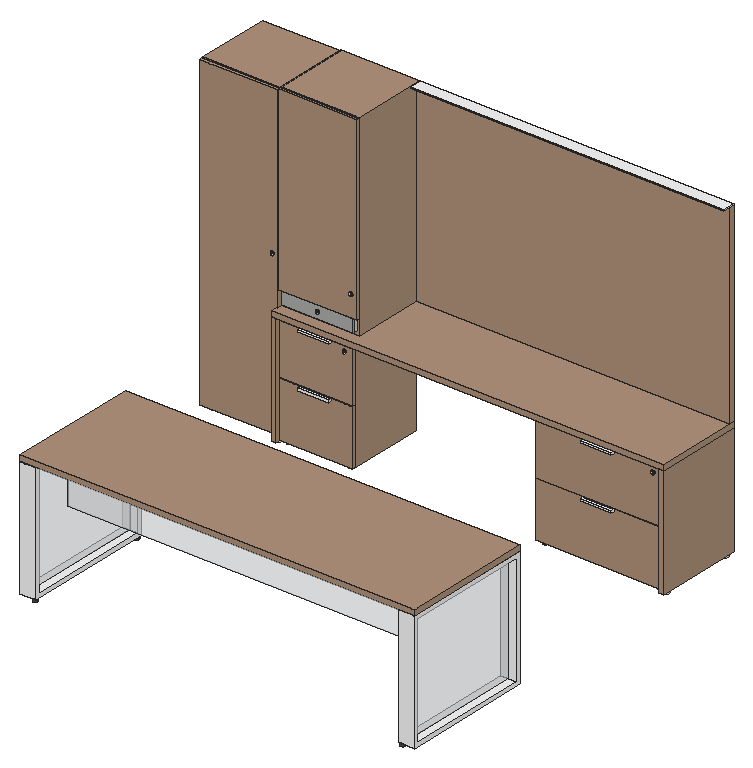
Revit family "Expansion_Casegoods-Private_Office_19-Teknion-R2019", category Furniture Systems, Revit 2019
Family settings
  Round Connector Dimension = Use Diameter
  Part Type = Normal
  OmniClass Number = 23.40.70.14.64.21
  OmniClass Title = Systems Furniture
  Work Plane-Based = No
  Always vertical = Yes
  Cut with Voids When Loaded = No
  Shared = Yes
  Room Calculation Point = No
Parameters (values of type "Private 19")
  Warranty = "http://www.teknion.com/ca/papers/legal-canada"
  Unit Weight URL = "http://www.teknion.com/ca/tools/assets#&asset=bee6a381-b954-425e-8283-5a2de3a804f2,f828d448-4b62-4231-9e5f-9a8991c0ed77"
  URL = "www.teknion.com"
  To render please download texture images found here [instance] = "https://assets.teknion.com/web/5e81352c1dfdb467/revit-material-swatches/"
  Sustainability Data = "https://www.teknion.com/ca/tools/assets#&topic=216f99a5-57a0-44fc-b10a-9dee9b29ae4c&asset=444deb64-fe58-4b68-981e-f75e97781df7,b4ff2d81-9f2e-437d-9659-7cffb09c31cf"
  Series = "Expansion Casegoods"  # constant formula
  Product Page URL = "https://teknionplanningtool.com/#?Private-19-ExpCasegoods"
  Product Line = "Expansion Casegoods"  # constant formula
  Model = "Expansion Casegoods Private 19"
  Material Finish Note [instance] = "Click on Edit Family to change the finishes."  # constant formula
  Manufacturer Phone = "416-661-3370"  # constant formula
  Manufacturer Fax = "416.661.4586"  # constant formula
  Manufacturer Contact Information = "http://www.teknion.com/ca/contactus"
  Manufacturer Address = "1150 Flint Road, Toronto, ON. M3J 2J5. Canada"  # constant formula
  Manufacturer = "Teknion"  # constant formula
  How To Use Teknion Materials User Guide [instance] = "https://assets.teknion.com/m/205dd0a49fa58060/original/How-to-add-a-Material-Library-and-Texture-Images-to-your-Revit-project.pdf"
  For Additional Finishes please visit [instance] = "https://assets.teknion.com/m/44a8009b046e5d47/original/Teknion_Materials_Library.zip"
  Description = "7'-8” x 8'-11” Overall"
  Assembly Code = "E2020200"
Reference planes (in)
  plane 1 "Center F/B": y = 9.83948
  plane 2: z = 0
  plane 3 "Center L/R": x = -0.24863
  plane 4 "Top": z = 29
  plane 5: x = -54.19535
  plane 6: y = -35.96394
  plane 7: y = 55.64291
  plane 8: x = 53.69808
Dimensions and locks (in)
  locked: plane 4 "Top" to level at 29
  equal spacing: plane 6, plane 1 "Center F/B", plane 7
  equal spacing: plane 5, plane 3 "Center L/R", plane 8
  plane 7 to plane 6 = 7' - 7.60686"
  plane 5 to plane 8 = 8' - 11.89342"
  aligned and locked: level to plane 2
Nested families (in)
  nested 1: "Workstations-Multi_Level-Teknion-B_MDWF_Table_Desk_With_End_Panels_Frame_Legs-R2019" at (8.69808, -20.96394, 0) x (-1, 0, 0) z (0, 0, 1), type "1-3/16" Worksurface Thickness, Glass Infill"
    with Worksurface Finish Source Laminate - Teknion - 3M - Provincial Oak (Cross Grain), Width 7' - 6", Suspended Modesty Panel Options "Select one of the options below.", Suspended Modesty Panel Height Options "Select one of the options below.", Suspended Modesty Panel - Solid Finish Veneer-Teknion-5T-Flintwood-White_Truffle (Long Grain), Suspended Modesty Panel - Solid no, Suspended Modesty Panel - Metal Finish Paint-Teknion-20-T-Foundation-Atrium White, Suspended Modesty Panel - Metal no, Suspended Modesty Panel - Glass Hardware Finish Paint - Teknion - Mica - Very White, Suspended Modesty Panel - Glass Finish Glass - Teknion - FT - Frosted Glass, Suspended Modesty Panel - Glass yes, Suspended Modesty Panel - Felt Finish Fabric-Teknion-RB13-Carrera, Suspended Modesty Panel - Felt no, Solid Infill Finish Source Laminate - Teknion - DA - Espresso, Panel Height 0' - 10.009", No Grommet Option yes, Has Modesty Panel yes, Has Both Ends - Rectangular no, Grommet Finish Mica - Teknion - V - Satin - Very White, Glass Infill Finish Glass - Teknion - FT - Frosted Glass, Depth 2' - 6", Base Finish Mica - Teknion - V - Satin - Very White, Available Widths "54, 60, 66, 72, 78, 84, or 90 inches.", Available Grommet Options "Select one of the options below.", Available Depths "24, 30, or 36 inches.", 6" Height Suspended Modesty Panel no, 10" Height Suspended Modesty Panel yes
  nested 2: "Workstations-Multi_Level-Teknion-B_MSD_Secondary-R2018" at (8.49083, 45.69134, 0), type "1 3/16" Worksurface Thickness, High Height"
    with Width 7' - 6", To render please download texture images found here "https://assets.teknion.com/web/5e81352c1dfdb467/revit-material-swatches/", Surface and Edge Trim Finish Source Laminate - Teknion - 3M - Provincial Oak (Cross Grain), Right Grommet no, Note "Please select one of the following.", No Grommet yes, Left Grommet no, How To Use Teknion Materials User Guide "https://assets.teknion.com/m/205dd0a49fa58060/original/How-to-add-a-Material-Library-and-Texture-Images-to-your-Revit-project.pdf", Has Right Rectangular Grommet no, Has Left Rectangular Grommet no, Has Centered Rectangular Grommet no, Has Both Ends Rectangular Grommets no, Hardware Finish Mica - Teknion - V - Satin - Very White, Grommet Finish Mica - Teknion - V - Satin - Very White, Gable Finish Source Laminate - Teknion - 3M - Provincial Oak, For Additional Finishes please visit "https://assets.teknion.com/m/44a8009b046e5d47/original/Teknion_Materials_Library.zip", Depth 1' - 8", Available Widths "54, 60, 66, 72, 78, 84, 90, 96, 102, or 108 inches.", Available Depths "20 or 24 inches.", Actual Width 7' - 5.55", Actual Depth 1' - 7.9"
  nested 3: "Storage-Multi_Level_Workstations-Teknion-BSSL_Lateral_File-R2019" at (-26.76308, 45.45407, 0), type "High Secondary Desk Height, 20" Secondary Desk Depth"
    with Width 1' - 6", To render please download texture images found here "https://assets.teknion.com/web/5e81352c1dfdb467/revit-material-swatches/", Pull Finish Mica - Teknion - V - Satin - Very White, Lateral File Front Finish Source Laminate - Teknion - 3M - Provincial Oak, How To Use Teknion Materials User Guide "https://assets.teknion.com/m/205dd0a49fa58060/original/How-to-add-a-Material-Library-and-Texture-Images-to-your-Revit-project.pdf", High - Drawer Horizontal Cut 0' - 1.501", For Additional Finishes please visit "https://assets.teknion.com/m/44a8009b046e5d47/original/Teknion_Materials_Library.zip", End of 1-9/16" thick Secondary Desk no, End of 1-3/16" thick Secondary Desk yes, End of 1" thick Secondary Desk no, End yes, Configurations Note "The Center configuration is not available for the 42 inch width.", Center no, Case Finish Source Laminate - Teknion - 3M - Provincial Oak, Available Widths "Available Widths range from 18 to 42 inches in 6 inch increments.", Actual Width 1' - 4.775"
  nested 4: "Storage-Mounted-Teknion-BRHL_Tower_with_Full _Solid_Door_High_Secondary_Desk-R2019" at (-27.33035, 46.59634, 0), type "18" x 18" x 72""
    with Door Front Finish Source Laminate - Teknion - 3M - Provincial Oak, Case Finish Source Laminate - Teknion - 3M - Provincial Oak
  nested 5: "Desk_Accessories-Teknion-BADMF_Multi_Functional_Drawer-R2018" at (-27.33569, 46.4559, 2.90258), type "17"d x 17"w x 03"h"
  nested 6: "Storage-Multi_Level_Workstations-Teknion-BSSL_Lateral_File-R2019" at (37.77333, 45.45407, 0), type "High Secondary Desk Height, 20" Secondary Desk Depth"
    with Width 2' - 6", To render please download texture images found here "https://assets.teknion.com/web/5e81352c1dfdb467/revit-material-swatches/", Pull Finish Mica - Teknion - V - Satin - Very White, Lateral File Front Finish Source Laminate - Teknion - 3M - Provincial Oak, How To Use Teknion Materials User Guide "https://assets.teknion.com/m/205dd0a49fa58060/original/How-to-add-a-Material-Library-and-Texture-Images-to-your-Revit-project.pdf", High - Drawer Horizontal Cut 0' - 1.501", For Additional Finishes please visit "https://assets.teknion.com/m/44a8009b046e5d47/original/Teknion_Materials_Library.zip", End of 1-9/16" thick Secondary Desk no, End of 1-3/16" thick Secondary Desk yes, End of 1" thick Secondary Desk no, End yes, Configurations Note "The Center configuration is not available for the 42 inch width.", Center no, Case Finish Source Laminate - Teknion - 3M - Provincial Oak, Available Widths "Available Widths range from 18 to 42 inches in 6 inch increments.", Actual Width 2' - 4.715"
  nested 7: "Storage-Mounted-Teknion-B_WPA-Wall_Panel-R2018" at (17.44583, 55.14134, 0), type "On High Secondary Desk"
    with Width 6' - 0", Top and Accessory Rail Finish Mica - Teknion - V - Satin - Very White, Tackboard Upholstery Finish Fabric - Teknion - S613 - Saturate - Dune, Tackboard Bottom Starting Offset 2' - 2.972", Power/Data Visibility no, Power/Data Plan View Offset 2' - 11.82", Power and Data Under Worksurface - Right no, Power and Data Under Worksurface - Left no, Power and Data Under Worksurface - Center no, Power and Data Over Worksurface - Right no, Power and Data Over Worksurface - Left no, Power and Data Over Worksurface - Center no, Power Data Height Offset 0' - 3.648", Porcelain/Glass Markerboard Visibility no, Panel Finish Source Laminate - Teknion - 3M - Provincial Oak (Cross Grain), No Power and Data yes, Linear LED Light Width Type none, Light Shelf Note "Light Shelf can only be specified if the Has Top Shelf & Accessory Rail option is selected above.", Has Porcelain Markerboard no, Has No Accessory Board yes, Has Linear LED Light no, Has Light Shelf no, Has Glass Markerboard no, Has Felt Tackboard no, Has Fabric Tackboard no, Has Accessory Rail no, Glass Markerboard Finish Back-painted Glass - K7 - Teknion - Very White, Fabric/Felt Tackboard Visibility no, Datum Height Note "Please choose one of the following options below.", Bottom of Standard Overhead Cabinet mounted at 72" no, Bottom of Standard Overhead Cabinet mounted at 66" no, Bottom of Cubic Overhead Cabinet mounted at 72" no, Bottom of Cubic Overhead Cabinet mounted at 66" no, Available Widths "24, 30, 36, 42, 48, 54, 60, 66, 72, 78, 84, or 90 inches.", Available Electrical Options "Choose between Power and Data Over Worksurface - Center, Power and Data Over Worksurface - Left, Power and Data Over Worksurface - Right, or No Power and Data.", Actual Width 5' - 11.64", Actual Height 5' - 11.626", Accessories Note "Choose one of the following options below.", 72" Datum Height yes, 66" Datum Height no
  nested 8: "Storage-Freestanding-Teknion-BFRL_Full_Solid_Door_Tower-R2018" at (-45.24035, 46.68812, 0), type "18"w x 72"h"
    with Wardrobe no, Top Shelf Height Offset 1' - 4.986", To render please download texture images found here "https://assets.teknion.com/web/5e81352c1dfdb467/revit-material-swatches/", Shelves yes, Note "Available Depths are 18 and 24 inches.", Middle Shelf Visibility yes, Middle Shelf Height Offset 1' - 4.927", Lock Height Offset 2' - 9.722", How to Add Texture Images to your Revit Project "https://assets.teknion.com/m/205dd0a49fa58060/original/How-to-add-a-Material-Library-and-Texture-Images-to-your-Revit-project.pdf", For Additional Finishes please visit "https://assets.teknion.com/m/44a8009b046e5d47/original/Teknion_Materials_Library.zip", File Drawers and Shelves no, Door Front Finish Source Laminate - Teknion - 3M - Provincial Oak, Depth 1' - 6", Configurations Note "Please select one of the following.", Case Finish Source Laminate - Teknion - 3M - Provincial Oak, Bottom Shelf Visibility yes, Actual Depth 1' - 5.161"
Definition of nested family "Workstations-Multi_Level-Teknion-B_MDWF_Table_Desk_With_End_Panels_Frame_Legs-R2019"
  Parameters (values of type "1-9/16" Worksurface Thickness, Glass Infill")
    Worksurface Finish [instance] = none
    Width [instance] = 6' - 0"
    Warranty = "http://www.teknion.com/ca/papers/legal-canada"
    Unit Weight URL = "http://www.teknion.com/ca/tools/assets#&asset=bee6a381-b954-425e-8283-5a2de3a804f2,f828d448-4b62-4231-9e5f-9a8991c0ed77"
    URL = "www.teknion.com"
    Thickness = 0' - 1.555"
    Sustainability Data = "http://www.teknion.com/ca/tools/assets#&topic=216f99a5-57a0-44fc-b10a-9dee9b29ae4c&asset=444deb64-fe58-4b68-981e-f75e97781df7"
    Suspended Modesty Panel Options [instance] = "Select one of the options below."  # constant formula
    Suspended Modesty Panel Height Options [instance] = "Select one of the options below."  # constant formula
    Suspended Modesty Panel - Solid Finish [instance] = none
    Suspended Modesty Panel - Solid [instance] = no
    Suspended Modesty Panel - Metal Finish [instance] = none
    Suspended Modesty Panel - Metal [instance] = no
    Suspended Modesty Panel - Glass Hardware Finish [instance] = none
    Suspended Modesty Panel - Glass Finish [instance] = none
    Suspended Modesty Panel - Glass [instance] = no
    Suspended Modesty Panel - Felt Finish [instance] = none
    Suspended Modesty Panel - Felt [instance] = no
    Solid Infill Finish [instance] = none
    Solid Infill = no
    Series = "Expansion Casegoods"  # constant formula
    Product Page URL = "http://www.teknion.com/ca/products/product-details?productlineid=0053336e-8e7a-673b-a6c8-ff00004460c4"
    Product Line = "Expansion Casegoods"  # constant formula
    Product Documentation Link #5 = "https://www.teknion.com/pricing/expansion-casegoods/pdfs/BASME_ppg.pdf"
    Product Documentation Link #4 = "https://www.teknion.com/pricing/expansion-casegoods/pdfs/BASMM_ppg.pdf"
    Product Documentation Link #3 = "https://www.teknion.com/pricing/expansion-casegoods/pdfs/BASMG_ppg.pdf"
    Product Documentation Link #2 = "https://www.teknion.com/pricing/expansion-casegoods/pdfs/BASML_ppg.pdf"
    Product Documentation Link = "https://www.teknion.com/pricing/expansion-casegoods/pdfs/B_MDWF_ppg.pdf"
    Part Number = "B_MDWF"  # constant formula
    Panel Height [instance] = if([6" Height Suspended Modesty Panel], 0' 6.636", 0' 10.009")  # 0' - 6.636"
    No Grommet Option [instance] = not([Has Both Ends - Rectangular])  # no
    Has Both Ends - Rectangular [instance] = yes
    Glass Infill Finish [instance] = none
    Glass Infill = not(Solid Infill)  # yes
    Base Finish [instance] = none
    Available Widths [instance] = if(Thickness = 0' 1.016", "54, 60, 66, or 72 inches.", "54, 60, 66, 72, 78, 84, or 90 inches.")  # "54, 60, 66, 72, 78, 84, or 90 inches."
    Available Grommet Options [instance] = "Select one of the options below."  # constant formula
    Available Depths [instance] = if(Thickness = 0' 1.016", "24 or 30 inches.", "24, 30, or 36 inches.")  # "24, 30, or 36 inches."
    Model = "BXMDWFG_____"
    Manufacturer Phone = "416-661-3370"  # constant formula
    Manufacturer Fax = "416.661.4586"  # constant formula
    Manufacturer Contact Information = "http://www.teknion.com/ca/contactus"
    Manufacturer Address = "1150 Flint Road, Toronto, ON. M3J 2J5. Canada"  # constant formula
    Manufacturer = "Teknion"  # constant formula
    Has Modesty Panel [instance] = yes
    Grommet Finish [instance] = none
    Description = "Table Desk with End Panels - Frame Legs, 1-9/16\" Worksurface Thickness, Glass Infill"
    Depth [instance] = 2' - 6"
    Assembly Code = "E2020200"
    6" Height Suspended Modesty Panel [instance] = yes
    10" Height Suspended Modesty Panel [instance] = not([6" Height Suspended Modesty Panel])  # no
  Types (6): name | Thickness | Solid Infill | Glass Infill | Available Widths | Available Depths | Model | Description
    1-3/16" Worksurface Thickness, Solid Infill | 0' - 1.18898" | yes | no | "54, 60, 66, 72, 78, 84, or 90 inches." | "24, 30, or 36 inches." | "BMMDWFL_____" | "Table Desk with End Panels - Frame Legs, 1-3/16\" Worksurface Thickness, Solid Infill"
    1" Worksurface Thickness, Solid Infill | 0' - 1.016" | yes | no | "54, 60, 66, or 72 inches." | "24 or 30 inches." | "BDMDWFL_____" | "Table Desk with End Panels - Frame Legs, 1\" Worksurface Thickness, Solid Infill"
    1-9/16" Worksurface Thickness, Solid Infill | 0' - 1.555" | yes | no | "54, 60, 66, 72, 78, 84, or 90 inches." | "24, 30, or 36 inches." | "BXMDWFL_____" | "Table Desk with End Panels - Frame Legs, 1-9/16\" Worksurface Thickness, Solid Infill"
    1" Worksurface Thickness, Glass Infill | 0' - 1.016" | no | yes | "54, 60, 66, or 72 inches." | "24 or 30 inches." | "BDMDWFG_____" | "Table Desk with End Panels - Frame Legs, 1\" Worksurface Thickness, Glass Infill"
    1-3/16" Worksurface Thickness, Glass Infill | 0' - 1.18898" | no | yes | "54, 60, 66, 72, 78, 84, or 90 inches." | "24, 30, or 36 inches." | "BMMDWFG_____" | "Table Desk with End Panels - Frame Legs, 1-3/16\" Worksurface Thickness, Glass Infill"
    1-9/16" Worksurface Thickness, Glass Infill | 0' - 1.555" | no | yes | "54, 60, 66, 72, 78, 84, or 90 inches." | "24, 30, or 36 inches." | "BXMDWFG_____" | "Table Desk with End Panels - Frame Legs, 1-9/16\" Worksurface Thickness, Glass Infill"
  Reference planes (in)
    plane 1 "Center Front/Back": y = 0
    plane 2: z = 0
    plane 3 "Center Left/Right": x = 0
    plane 4 "Left": x = -36
    plane 5 "Right": x = 36
    plane 6 "Back": y = 15
    plane 7 "Front": y = -15
    plane 8 "Top": z = 27.80709
    plane 9: z = 29.36209
    plane 10: z = 27.61959
    plane 11: z = 0.60236
    plane 12: x = -32.59449
    plane 13: x = -35.8622
    plane 14: x = -32.45669
    plane 15: x = 32.59449
    plane 16: x = 35.86221
    plane 17: x = 32.45669
    plane 18: x = -30
    plane 19: z = 26.61811
    plane 20: z = 29.51957
    plane 21 "Center L/S": y = 8.49213
    plane 22: x = 30
    plane 23: z = 21.17109
  Forms (in)
    Extrusion 1, solid, material <- "Worksurface Finish"
      sketch origin (-51, -180, 27.80709) x (-1, 0, 0) y (0, -1, 0)
        loop
          line (-15, -195) -> (-15, -165) -> (-87, -165) -> (-87, -195) -> (-15, -195)
      from 0 to 1.555
    Extrusion 2, solid, material <- "Base Finish"
      sketch origin (-36, 0, 0) x (0, -1, 0) y (0, 0, -1)
        loop
          line (14.8622, -27.80709) -> (14.8622, -27.61959) -> (7.81496, -27.61959) -> (7.81496, -27.80709) -> (14.8622, -27.80709)
      from 0.1378 to 3.40551
    Extrusion 3, solid, material <- "Base Finish"
      sketch origin (-36, 0, 0) x (0, 1, 0) y (0, 0, 1)
        loop
          line (14.8622, 27.80709) -> (7.81496, 27.80709) -> (7.81496, 27.61959) -> (14.8622, 27.61959) -> (14.8622, 27.80709)
      from 0.1378 to 3.40551
    Extrusion 4, solid, material <- "Base Finish"
      sketch origin (-36, 0, 0) x (0, 1, 0) y (0, 0, 1)
        loop
          line (15, 0.60236) -> (15, 27.61959) -> (-15, 27.61959) -> (-15, 0.60236) -> (15, 0.60236)
        loop
          line (14.17323, 26.79281) -> (-14.17323, 26.79281) -> (-14.17323, 1.42913) -> (14.17323, 1.42913) -> (14.17323, 26.79281)
      from 0 to 3.54331
    Extrusion 5, solid, material <- "Base Finish"
      sketch origin (27, 0, 0) x (0, -1, 0) y (0, 0, 1)
        loop
          line (14.8622, 27.80709) -> (7.81496, 27.80709) -> (7.81496, 27.61959) -> (14.8622, 27.61959) -> (14.8622, 27.80709)
      from -8.86221 to -5.59449
    Extrusion 6, solid, material <- "Base Finish"
      sketch origin (27, 0, 0) x (0, 1, 0) y (0, 0, -1)
        loop
          line (14.8622, -27.80709) -> (14.8622, -27.61959) -> (7.81496, -27.61959) -> (7.81496, -27.80709) -> (14.8622, -27.80709)
      from -8.86221 to -5.59449
    Extrusion 7, solid, material <- "Base Finish"
      sketch origin (27, 0, 0) x (0, 1, 0) y (0, 0, -1)
        loop
          line (15, -0.60236) -> (-15, -0.60236) -> (-15, -27.61959) -> (15, -27.61959) -> (15, -0.60236)
        loop
          line (14.17323, -26.79281) -> (14.17323, -1.42913) -> (-14.17323, -1.42913) -> (-14.17323, -26.79281) -> (14.17323, -26.79281)
      from -9 to -5.45669
    Extrusion 8, solid
      sketch origin (0, 0, 0) x (1, 0, 0) y (0, 1, 0)
        loop
          circle (-32.9685, 14.50787) r 0.5
      from 0 to 0.60236
    Extrusion 9, solid
      sketch origin (0, 0, 0) x (-1, 0, 0) y (0, -1, 0)
        loop
          circle (-32.96851, -14.50787) r 0.5
      from 0 to 0.60236
    Extrusion 10, solid
      sketch origin (0, 0, 0) x (1, 0, 0) y (0, 1, 0)
        loop
          circle (-32.9685, -14.50787) r 0.5
      from 0 to 0.60236
    Extrusion 11, solid
      sketch origin (0, 0, 0) x (-1, 0, 0) y (0, -1, 0)
        loop
          circle (-32.96851, 14.50787) r 0.5
      from 0 to 0.60236
    Extrusion 12, solid, material <- "Grommet Finish", visible <- "Has Both Ends - Rectangular"
      sketch origin (-26.88189, -180, 29.36209) x (-1, 0, 0) y (0, -1, 0)
        loop
          line (3.03582, -190.42836) -> (0.18859, -190.42836) -> (0.18859, -193.27243) -> (3.03582, -193.27243) -> (3.03582, -190.42836)
      from 0 to 0.15748
    Extrusion 13, solid, material <- "Grommet Finish", visible <- "Has Both Ends - Rectangular"
      sketch origin (-26.88189, -180, 29.36209) x (-1, 0, 0) y (0, -1, 0)
        loop
          line (0.18859, -190.42836) -> (-3.6185, -190.42836) -> (-3.6185, -193.27243) -> (0.18859, -193.27243) -> (0.18859, -192.06307) -> (-2.09101, -192.06307) -> (-2.09101, -191.63772) -> (0.18859, -191.63772) -> (0.18859, -190.42836)
      from 0 to 0.15748
    Extrusion 14, solid, material <- "Grommet Finish", visible <- "Has Both Ends - Rectangular"
      sketch origin (-26.88189, -180, 29.36209) x (-1, 0, 0) y (0, -1, 0)
        loop
          line (-56.7996, -190.42836) -> (-56.7996, -193.27243) -> (-53.95237, -193.27243) -> (-53.95237, -190.42836) -> (-56.7996, -190.42836)
      from 0 to 0.15748
    Extrusion 15, solid, material <- "Grommet Finish", visible <- "Has Both Ends - Rectangular"
      sketch origin (-26.88189, -180, 29.36209) x (-1, 0, 0) y (0, -1, 0)
        loop
          line (-53.95237, -190.42836) -> (-53.95237, -191.63772) -> (-51.67277, -191.63772) -> (-51.67277, -192.06307) -> (-53.95237, -192.06307) -> (-53.95237, -193.27243) -> (-50.14528, -193.27243) -> (-50.14528, -190.42836) -> (-53.95237, -190.42836)
      from 0 to 0.15748
    Sweep 16, solid, material <- "Suspended Modesty Panel - Solid Finish", visible <- "Suspended Modesty Panel - Solid"
      path origin (25.03893, 25.28208, -0.36198) x (1, 0, 0) y (0, 1, 0)
        loop
          line (-55.03893, -33.24036) -> (4.96107, -33.24036)
      profile origin (0, -7.95829, -0.36198) x (0, 1, 0) y (0, 0, 1)
        loop
          line (16.95829, 28.16906) -> (15.94254, 28.16906) -> (15.94254, 21.53306) -> (16.95829, 21.53306) -> (16.95829, 28.16906)
    Sweep 17, solid, visible <- "Suspended Modesty Panel - Felt"
      path origin (-10.59873, -14.57779, -0.36198) x (-1, 0, 0) y (0, -1, 0)
        loop
          line (-40.59873, -6.6205) -> (19.40127, -6.6205)
      profile origin (0, -7.95729, -0.36198) x (0, -1, 0) y (0, 0, 1)
        loop
          line (-16.68269, 21.53306) -> (-16.63545, 21.53306) -> (-16.63545, 28.12153) -> (-16.09214, 28.12153) -> (-16.09214, 27.53885) -> (-16.0449, 27.53885) -> (-16.0449, 28.16877) -> (-16.68269, 28.16877) -> (-16.68269, 21.53306)
    Sweep 18, solid, material <- "Suspended Modesty Panel - Felt Finish", visible <- "Suspended Modesty Panel - Felt"
      path origin (-10.59873, -14.57779, -0.36198) x (-1, 0, 0) y (0, -1, 0)
        loop
          line (-40.59873, -6.6205) -> (19.40127, -6.6205)
      profile origin (0, -7.95729, -0.36198) x (0, -1, 0) y (0, 0, 1)
        loop
          line (-16.35986, 27.57805) -> (-16.63545, 27.57805) -> (-16.63545, 21.53306) -> (-16.35986, 21.53306) -> (-16.35986, 27.57805)
        loop
          line (-16.68269, 21.53306) -> (-16.68269, 27.57805) -> (-16.95829, 27.57805) -> (-16.95829, 21.53306) -> (-16.68269, 21.53306)
    Sweep 19, solid, material <- "Suspended Modesty Panel - Glass Finish", visible <- "Suspended Modesty Panel - Glass"
      path origin (-12.09873, -14.57779, -0.36198) x (-1, 0, 0) y (0, -1, 0)
        loop
          line (-42.09873, -6.6205) -> (17.90127, -6.6205)
      profile origin (0, -7.95729, -0.36198) x (0, -1, 0) y (0, 0, 1)
        loop
          line (-16.72207, 28.16906) -> (-16.95829, 28.16906) -> (-16.95829, 21.53306) -> (-16.72207, 21.53306) -> (-16.72207, 28.16906)
    Sweep 20, solid, material <- "Suspended Modesty Panel - Glass Hardware Finish", visible <- "Suspended Modesty Panel - Glass"
      path origin (-12.09873, -14.57779, -0.36198) x (-1, 0, 0) y (0, -1, 0)
        loop
          line (-42.09873, -6.6205) -> (17.90127, -6.6205)
      profile origin (0, -7.95729, -0.36198) x (0, -1, 0) y (0, 0, 1)
        loop
          line (-16.3323, 28.0546) -> (-16.72207, 28.0546) -> (-16.72207, 26.86562) -> (-16.3323, 26.86562) -> (-16.3323, 28.0546)
    Sweep 21, solid, material <- "Suspended Modesty Panel - Metal Finish", visible <- "Suspended Modesty Panel - Metal"
      path origin (25.03893, 25.28208, -0.36198) x (1, 0, 0) y (0, 1, 0)
        loop
          line (-55.03893, -30.24036) -> (4.96107, -30.24036)
      profile origin (0, -4.95829, -0.36198) x (0, 1, 0) y (0, 0, 1)
        loop
          line (13.95829, 28.16906) -> (12.94254, 28.16906) -> (12.94254, 21.53306) -> (13.95829, 21.53306) -> (13.95829, 28.16906)
    Sweep 22, void
      path origin (6.49572, 7.49234, 0) x (1, 0, 0) y (0, 1, 0)
        loop
          line (23.90555, 0.49192) -> (23.90555, 1.45966)
      profile origin (30.40127, 8.46813, 0) x (-1, 0, 0) y (0, 0, 1)
        loop
          line (59.25727, 26.03548) -> (1.54527, 26.03548) -> (1.54527, 22.43093) -> (59.25727, 22.43093) -> (59.25727, 26.03548)
    Sweep 23, solid, material <- "Solid Infill Finish", visible <- "Solid Infill"
      path origin (0, 0, 0) x (1, 0, 0) y (0, 0, 1)
        loop
          line (0, 1.42913) -> (0, 26.79281)
      profile origin (0, 0, 14.11097) x (-1, 0, 0) y (0, -1, 0)
        loop
          line (34.57874, -14.17323) -> (34.57874, 14.17323) -> (33.87795, 14.17323) -> (33.87795, -14.17323) -> (34.57874, -14.17323)
        loop
          line (-33.87795, -14.17323) -> (-33.87795, 14.17323) -> (-34.57874, 14.17323) -> (-34.57874, -14.17323) -> (-33.87795, -14.17323)
    Sweep 24, solid, material <- "Glass Infill Finish", visible <- "Glass Infill"
      path origin (0, 0, 0) x (1, 0, 0) y (0, 0, 1)
        loop
          line (0, 1.42913) -> (0, 26.79281)
      profile origin (0, 0, 14.11097) x (-1, 0, 0) y (0, -1, 0)
        loop
          line (34.30709, -14.17323) -> (34.30709, 14.17323) -> (34.14961, 14.17323) -> (34.14961, -14.17323) -> (34.30709, -14.17323)
        loop
          line (-34.30709, -14.17323) -> (-34.14961, -14.17323) -> (-34.14961, 14.17323) -> (-34.30709, 14.17323) -> (-34.30709, -14.17323)
  Cuts and joins
    Sweep 22 cuts Sweep 21
  Lines and regions (in)
    Masking region 1
      outline origin (0, 0, 0) x (1, 0, 0) y (0, 1, 0)
        loop
          line (-36, 15) -> (-36, -15) -> (36, -15) -> (36, 15) -> (-36, 15)
    symbolic lines, detail levels medium+fine
      curve 1: line (-32.45669, -15, 0) -> (-32.45669, 15, 0)
      curve 2: line (32.45669, 15, 0) -> (32.45669, -15, 0)
      curve 77: line (32.45669, 14.17323, 0) -> (36, 14.17323, 0)
      curve 78: line (36, -14.17323, 0) -> (32.45669, -14.17323, 0)
      curve 79: line (-32.45669, -14.17323, 0) -> (-36, -14.17323, 0)
      curve 80: line (-36, 14.17323, 0) -> (-32.45669, 14.17323, 0)
    symbolic lines, detail levels fine
      curve 3: arc (-33.4685, 14.50787, 0) -> (-32.9685, 14.00787, 0) -> (-32.4685, 14.50787, 0) r 0.5
      curve 4: arc (-32.4685, 14.50787, 0) -> (-32.9685, 15.00787, 0) -> (-33.4685, 14.50787, 0) r 0.5
      curve 5: arc (-32.4685, -14.50787, 0) -> (-32.9685, -14.00787, 0) -> (-33.4685, -14.50787, 0) r 0.5
      curve 6: arc (-33.4685, -14.50787, 0) -> (-32.9685, -15.00787, 0) -> (-32.4685, -14.50787, 0) r 0.5
      curve 7: arc (33.46851, -14.50787, 0) -> (32.96851, -14.00787, 0) -> (32.46851, -14.50787, 0) r 0.5
      curve 8: arc (32.46851, -14.50787, 0) -> (32.96851, -15.00787, 0) -> (33.46851, -14.50787, 0) r 0.5
      curve 9: arc (33.46851, 14.50787, 0) -> (32.96851, 15.00787, 0) -> (32.46851, 14.50787, 0) r 0.5
      curve 10: arc (32.46851, 14.50787, 0) -> (32.96851, 14.00787, 0) -> (33.46851, 14.50787, 0) r 0.5
      curve 11: line (-35.8622, 7.81496, 0) -> (-32.59449, 7.81496, 0)
      curve 12: line (-32.59449, 7.81496, 0) -> (-32.59449, 14.8622, 0)
      curve 13: line (-32.59449, 14.8622, 0) -> (-35.8622, 14.8622, 0)
      curve 14: line (-35.8622, 14.8622, 0) -> (-35.8622, 7.81496, 0)
      curve 15: line (-32.59449, -7.81496, 0) -> (-35.8622, -7.81496, 0)
      curve 16: line (-35.8622, -7.81496, 0) -> (-35.8622, -14.8622, 0)
      curve 17: line (-35.8622, -14.8622, 0) -> (-32.59449, -14.8622, 0)
      curve 18: line (-32.59449, -14.8622, 0) -> (-32.59449, -7.81496, 0)
      curve 19: line (35.86221, -7.81496, 0) -> (32.59449, -7.81496, 0)
      curve 20: line (32.59449, -7.81496, 0) -> (32.59449, -14.8622, 0)
      curve 21: line (32.59449, -14.8622, 0) -> (35.86221, -14.8622, 0)
      curve 22: line (35.86221, -14.8622, 0) -> (35.86221, -7.81496, 0)
      curve 23: line (32.59449, 7.81496, 0) -> (35.86221, 7.81496, 0)
      curve 24: line (35.86221, 7.81496, 0) -> (35.86221, 14.8622, 0)
      curve 25: line (35.86221, 14.8622, 0) -> (32.59449, 14.8622, 0)
      curve 26: line (32.59449, 14.8622, 0) -> (32.59449, 7.81496, 0)
    symbolic lines, visible <- "Has Both Ends - Rectangular"
      curve 27: line (-27.07048, 13.27243, 0) -> (-29.91771, 13.27243, 0)
      curve 28: line (-27.07048, 10.42836, 0) -> (-27.07048, 13.27243, 0)
      curve 29: line (-29.91771, 13.27243, 0) -> (-29.91771, 10.42836, 0)
      curve 30: line (-29.91771, 10.42836, 0) -> (-27.07048, 10.42836, 0)
      curve 31: line (-27.07048, 10.42836, 0) -> (-23.26339, 10.42836, 0)
      curve 32: line (-23.26339, 10.42836, 0) -> (-23.26339, 13.27243, 0)
      curve 33: line (-23.26339, 13.27243, 0) -> (-27.07048, 13.27243, 0)
      curve 34: line (-27.07048, 12.06307, 0) -> (-24.79088, 12.06307, 0)
      curve 35: line (-24.79088, 12.06307, 0) -> (-24.79088, 11.63772, 0)
      curve 36: line (-24.79088, 11.63772, 0) -> (-27.07048, 11.63772, 0)
      curve 37: line (27.07048, 13.27243, 0) -> (23.26339, 13.27243, 0)
      curve 38: line (29.91771, 13.27243, 0) -> (27.07048, 13.27243, 0)
      curve 39: line (29.91771, 10.42836, 0) -> (29.91771, 13.27243, 0)
      curve 40: line (27.07048, 10.42836, 0) -> (29.91771, 10.42836, 0)
      curve 41: line (23.26339, 10.42836, 0) -> (27.07048, 10.42836, 0)
      curve 42: line (23.26339, 13.27243, 0) -> (23.26339, 10.42836, 0)
      curve 43: line (24.79088, 12.06307, 0) -> (27.07048, 12.06307, 0)
      curve 44: line (24.79088, 11.63772, 0) -> (24.79088, 12.06307, 0)
      curve 45: line (27.07048, 11.63772, 0) -> (24.79088, 11.63772, 0)
      curve 46: line (27.07048, 13.27243, 0) -> (27.07048, 10.42836, 0)
    reference lines, not visible
      curve 47: line (-36, 15, 0) -> (36, 15, 0)
      curve 48: line (-36, 15, 0) -> (-36, -15, 0)
      curve 49: line (-36, -15, 0) -> (36, -15, 0)
      curve 50: line (36, 15, 0) -> (36, -15, 0)
    symbolic lines, visible <- "Suspended Modesty Panel - Metal", detail levels fine
      curve 51: line (-28.8563, 8.952, 0) -> (-28.8563, 7.98425, 0)
      curve 52: line (28.856, 8.952, 0) -> (-28.8563, 8.952, 0)
      curve 53: line (28.856, 7.98425, 0) -> (28.856, 8.952, 0)
    symbolic lines, visible <- "Suspended Modesty Panel - Solid", detail levels medium+fine
      curve 54: line (-30, 7.98425, 0) -> (30, 7.98425, 0)
      curve 59: line (-30, 7.98425, 0) -> (-30, 9, 0)
      curve 60: line (30, 7.98425, 0) -> (30, 9, 0)
      curve 61: line (-30, 7.98425, 0) -> (30, 7.98425, 0)
      curve 62: line (30, 9, 0) -> (-30, 9, 0)
    symbolic lines, visible <- "Suspended Modesty Panel - Metal", detail levels medium+fine
      curve 55: line (-30, 7.98425, 0) -> (-30, 9, 0)
      curve 56: line (30, 9, 0) -> (-30, 9, 0)
      curve 57: line (-30, 7.98425, 0) -> (30, 7.98425, 0)
      curve 58: line (30, 7.98425, 0) -> (30, 9, 0)
    symbolic lines, visible <- "Suspended Modesty Panel - Felt", detail levels medium+fine
      curve 63: line (-30, 9.001, 0) -> (-30, 8.08761, 0)
      curve 64: line (30, 9.001, 0) -> (-30, 9.001, 0)
      curve 65: line (30, 9.001, 0) -> (30, 8.08761, 0)
      curve 66: line (-30, 8.08761, 0) -> (30, 8.08761, 0)
    symbolic lines, visible <- "Suspended Modesty Panel - Felt", detail levels fine
      curve 67: line (30, 8.72541, 0) -> (-30, 8.72541, 0)
      curve 68: line (-30, 8.67817, 0) -> (30, 8.67817, 0)
      curve 69: line (-30, 8.40257, 0) -> (30, 8.40257, 0)
    symbolic lines, visible <- "Suspended Modesty Panel - Glass", detail levels medium+fine
      curve 70: line (30, 9.001, 0) -> (-30, 9.001, 0)
      curve 71: line (30, 9.001, 0) -> (-30, 9.001, 0)
      curve 72: line (-30, 8.76478, 0) -> (30, 8.76478, 0)
      curve 73: line (30, 9.001, 0) -> (30, 8.76478, 0)
      curve 74: line (30, 8.76478, 0) -> (30, 8.37502, 0)
      curve 75: line (-30, 8.37502, 0) -> (30, 8.37502, 0)
      curve 76: line (-30, 8.76478, 0) -> (-30, 8.37502, 0)
      curve 89: line (-30, 9.001, 0) -> (-30, 8.37502, 0)
    symbolic lines, visible <- "Solid Infill", detail levels medium+fine
      curve 81: line (-34.57874, 14.17323, 0) -> (-34.57874, -14.17323, 0)
      curve 82: line (-33.87795, -14.17323, 0) -> (-33.87795, 14.17323, 0)
      curve 83: line (33.87795, 14.17323, 0) -> (33.87795, -14.17323, 0)
      curve 84: line (34.57874, -14.17323, 0) -> (34.57874, 14.17323, 0)
    symbolic lines, visible <- "Glass Infill", detail levels medium+fine
      curve 85: line (-34.30709, 14.17323, 0) -> (-34.30709, -14.17323, 0)
      curve 86: line (-34.14961, -14.17323, 0) -> (-34.14961, 14.17323, 0)
      curve 87: line (34.30709, -14.17323, 0) -> (34.30709, 14.17323, 0)
      curve 88: line (34.14961, 14.17323, 0) -> (34.14961, -14.17323, 0)
  Dimensions and locks (in)
    equal spacing: plane 4 "Left", plane 3 "Center Left/Right", plane 5 "Right"
    equal spacing: plane 6 "Back", plane 1 "Center Front/Back", plane 7 "Front"
    locked: plane 8 "Top" to level at 27.80709
    "Depth": plane 6 "Back" to plane 7 "Front"
    "Width": plane 4 "Left" to plane 5 "Right"
    "Thickness": plane 9 to plane 8 "Top"
    locked: plane 8 "Top" to plane 10 at 0.1875
    locked: plane 11 to plane 2 at 0.60236
    plane 7 "Front" to Extrusion 2 sketch curve to Extrusion 2 sketch curve = 0' - 0.1378" locked, 0' - 7.04724" locked
    plane 4 "Left" to plane 13 to plane 12 to plane 14 to plane 18 = 0' - 0.1378" locked, 0' - 3.26772" locked, 0' - 0.1378" locked, 0' - 2.45669" locked
    plane 6 "Back" to Extrusion 3 sketch curve to Extrusion 3 sketch curve = 0' - 0.1378" locked, 0' - 7.04724" locked
    locked: Extrusion 4 sketch curve to plane 10 at 0.82677
    locked: plane 6 "Back" to Extrusion 4 sketch curve at 0.82677
    locked: Extrusion 4 sketch curve to plane 7 "Front" at 0.82677
    locked: Extrusion 4 sketch curve to plane 11 at 0.82677
    plane 7 "Front" to Extrusion 5 sketch curve to Extrusion 5 sketch curve = 0' - 0.1378" locked, 0' - 7.04724" locked
    plane 6 "Back" to Extrusion 6 sketch curve to Extrusion 6 sketch curve = 0' - 0.1378" locked, 0' - 7.04724" locked
    plane 22 to plane 17 to plane 15 to plane 16 to plane 5 "Right" = 0' - 2.45669" locked, 0' - 0.1378" locked, 0' - 3.26772" locked, 0' - 0.13779" locked
    locked: plane 6 "Back" to Extrusion 8 sketch curve at 0.49213
    locked: plane 4 "Left" to Extrusion 8 sketch curve at 3.0315
    locked: plane 6 "Back" to Extrusion 9 sketch curve at 0.49213
    locked: Extrusion 9 sketch curve to plane 5 "Right" at 3.03149
    locked: plane 7 "Front" to Extrusion 10 sketch curve at 0.49213
    locked: plane 4 "Left" to Extrusion 10 sketch curve at 3.0315
    locked: plane 7 "Front" to Extrusion 11 sketch curve at 0.49213
    locked: Extrusion 11 sketch curve to plane 5 "Right" at 3.03149
    locked: Extrusion 7 sketch curve to plane 11 at 0.82677
    locked: Extrusion 7 sketch curve to plane 6 "Back" at 0.82677
    locked: plane 7 "Front" to Extrusion 7 sketch curve at 0.82677
    locked: Extrusion 7 sketch curve to plane 10 at 0.82677
    locked: plane 10 to plane 19 at 1.00148
    plane 4 "Left" to Extrusion 12 sketch curve to Extrusion 12 sketch curve = 0' - 6.08229" locked, 0' - 2.84723" locked
    plane 6 "Back" to Extrusion 12 sketch curve to Extrusion 12 sketch curve = 0' - 1.72757" locked, 0' - 2.84406" locked
    plane 4 "Left" to Extrusion 13 sketch curve to Extrusion 13 sketch curve to Extrusion 13 sketch curve to Extrusion 13 sketch curve = 0' - 8.92952" locked, 0' - 0" locked, 0' - 2.2796" locked, 0' - 1.52748" locked
    Extrusion 13 sketch curve to Extrusion 13 sketch curve to Extrusion 13 sketch curve to Extrusion 13 sketch curve to plane 6 "Back" = 0' - 1.20936" locked, 0' - 0.42535" locked, 0' - 1.20936" locked, 0' - 1.72757" locked
    plane 5 "Right" to Extrusion 14 sketch curve to Extrusion 14 sketch curve = 0' - 6.08229" locked, 0' - 2.84723" locked
    Extrusion 14 sketch curve to Extrusion 14 sketch curve to plane 6 "Back" = 0' - 2.84406" locked, 0' - 1.72757" locked
    plane 5 "Right" to Extrusion 15 sketch curve to Extrusion 15 sketch curve to Extrusion 15 sketch curve to Extrusion 15 sketch curve = 0' - 8.92952" locked, 0' - 0" locked, 0' - 2.2796" locked, 0' - 1.52748" locked
    plane 6 "Back" to Extrusion 15 sketch curve to Extrusion 15 sketch curve to Extrusion 15 sketch curve to Extrusion 15 sketch curve = 0' - 1.72757" locked, 0' - 1.20936" locked, 0' - 0.42535" locked, 0' - 1.20936" locked
    locked: plane 20 to plane 9 at 0.15748
    plane 8 "Top" to Sweep 17 sketch curve to Sweep 17 sketch curve to Sweep 17 sketch curve = 0' - 0.00029" locked, 0' - 0.04724" locked, 0' - 0.58268" locked
    Sweep 17 sketch curve to Sweep 17 sketch curve to plane 21 "Center L/S" to Sweep 17 sketch curve to Sweep 17 sketch curve = 0' - 0.04724" locked, 0' - 0.35727" locked, 0' - 0.18604" locked, 0' - 0.04724" locked
    plane 10 to Sweep 18 sketch curve to Sweep 18 sketch curve = 0' - 0.40352" locked, 0' - 0" locked
    Sweep 20 sketch curve to plane 21 "Center L/S" to Sweep 20 sketch curve = 0' - 0.11711" locked, 0' - 0.27265" locked
    plane 8 "Top" to Sweep 20 sketch curve to Sweep 20 sketch curve = 0' - 0.11446" locked, 0' - 1.18898" locked
    Sweep 16 sketch curve to plane 21 "Center L/S" to Sweep 16 sketch curve = 0' - 0.50787" locked, 0' - 0.50787" locked
    Sweep 18 sketch curve to Sweep 18 sketch curve to Sweep 18 sketch curve to plane 21 "Center L/S" to Sweep 18 sketch curve = 0' - 0.27559" locked, 0' - 0.04724" locked, 0' - 0.18604" locked, 0' - 0.08955" locked
    plane 21 "Center L/S" to Sweep 19 sketch curve to Sweep 19 sketch curve = 0' - 0.27265" locked, 0' - 0.23622" locked
    locked: plane 22 to Sweep 22 sketch curve at 1.144
    curve 71 to curve 72 to plane 21 "Center L/S" to curve 75 = 0' - 0.23622" locked, 0' - 0.27265" locked, 0' - 0.11711" locked
    Sweep 22 sketch curve to plane 21 "Center L/S" to Sweep 22 sketch curve = 0' - 0.45987" locked, 0' - 0.50787" locked
    locked: Sweep 22 sketch curve to Sweep 21 at 1.25984
    locked: plane 6 "Back" to plane 21 "Center L/S" at 6.50787
    "Panel Height": plane 8 "Top" to plane 23
    Sweep 21 sketch curve to plane 21 "Center L/S" to Sweep 21 sketch curve = 0' - 0.50787" locked, 0' - 0.50787" locked
    locked: Sweep 22 sketch curve to plane 18 at 1.144
    locked: plane 8 "Top" to Sweep 22 sketch curve at 1.77161
    Sweep 23 sketch curve to Sweep 23 sketch curve to level = 2' - 1.36368" locked, 0' - 1.42913" locked
    plane 4 "Left" to Sweep 23 sketch curve to Sweep 23 sketch curve = 0' - 1.42126" locked, 0' - 0.70079" locked
    Sweep 23 sketch curve to Sweep 23 sketch curve to plane 5 "Right" = 0' - 0.70079" locked, 0' - 1.42126" locked
    plane 6 "Back" to Sweep 23 sketch curve to Sweep 23 sketch curve = 0' - 0.82677" locked, 0' - 0" locked
    plane 7 "Front" to Sweep 23 sketch curve to Sweep 23 sketch curve = 0' - 0.82677" locked, 0' - 0" locked
    Sweep 24 sketch curve to Sweep 24 sketch curve to level = 2' - 1.36368" locked, 0' - 1.42913" locked
    plane 4 "Left" to Sweep 24 sketch curve to Sweep 24 sketch curve = 0' - 1.69291" locked, 0' - 0.15748" locked
    Sweep 24 sketch curve to Sweep 24 sketch curve to plane 5 "Right" = 0' - 0.15748" locked, 0' - 1.69291" locked
    plane 7 "Front" to Sweep 24 sketch curve to Sweep 24 sketch curve = 0' - 0.82677" locked, 0' - 0" locked
    plane 6 "Back" to Sweep 24 sketch curve to Sweep 24 sketch curve = 0' - 0.82677" locked, 0' - 0" locked
    aligned and locked: level to plane 2
    aligned and locked: Extrusion 1 sketch curve to plane 6 "Back"
    aligned and locked: Extrusion 1 sketch curve to plane 4 "Left"
    aligned and locked: plane 7 "Front" to Extrusion 1 sketch curve
    aligned and locked: plane 5 "Right" to Extrusion 1 sketch curve
    aligned and locked: Extrusion 1 to plane 9
    aligned and locked: Extrusion 1 to plane 8 "Top"
    aligned and locked: plane 8 "Top" to Extrusion 2 sketch curve
    aligned and locked: plane 10 to Extrusion 2 sketch curve
    aligned and locked: Extrusion 2 to plane 12
    aligned and locked: plane 13 to Extrusion 2
    aligned and locked: Extrusion 3 sketch curve to plane 10
    aligned and locked: Extrusion 3 sketch curve to plane 8 "Top"
    aligned and locked: Extrusion 3 to plane 12
    aligned and locked: plane 13 to Extrusion 3
    aligned and locked: plane 6 "Back" to Extrusion 4 sketch curve
    aligned and locked: plane 10 to Extrusion 4 sketch curve
    aligned and locked: Extrusion 4 sketch curve to plane 7 "Front"
    aligned and locked: plane 11 to Extrusion 4 sketch curve
    aligned and locked: plane 14 to Extrusion 4
    aligned and locked: Extrusion 4 to plane 4 "Left"
    aligned and locked: plane 15 to Extrusion 5  (x2)
    aligned and locked: Extrusion 5 to plane 16  (x2)
    aligned and locked: plane 15 to Extrusion 6  (x3)
    aligned and locked: Extrusion 6 to plane 16  (x3)
    aligned and locked: Extrusion 7 to plane 17  (x2)
    aligned and locked: Extrusion 1 to plane 5 "Right"  (x2)
    aligned and locked: Extrusion 7 to plane 5 "Right"
    aligned and locked: plane 8 "Top" to Extrusion 5
    aligned and locked: plane 10 to Extrusion 5
    aligned and locked: plane 8 "Top" to Extrusion 6
    aligned and locked: plane 10 to Extrusion 6
    aligned and locked: Extrusion 8 to plane 2
    aligned and locked: plane 11 to Extrusion 8
    aligned and locked: plane 11 to Extrusion 10
    aligned and locked: Extrusion 10 to plane 11
    aligned and locked: Extrusion 11 to plane 11
    aligned and locked: Extrusion 9 to plane 11
    aligned and locked: Extrusion 10 to plane 2
    aligned and locked: plane 2 to Extrusion 10
    aligned and locked: Extrusion 11 to plane 2
    aligned and locked: Extrusion 9 to plane 2
    aligned and locked: Masking region 1 sketch curve to plane 4 "Left"
    aligned and locked: Masking region 1 sketch curve to plane 6 "Back"
    aligned and locked: plane 5 "Right" to Masking region 1 sketch curve
    aligned and locked: plane 7 "Front" to Masking region 1 sketch curve
    aligned and locked: curve 3 to Extrusion 8
    aligned and locked: curve 4 to Extrusion 8
    aligned and locked: curve 5 to Extrusion 10
    aligned and locked: curve 6 to Extrusion 10
    aligned and locked: curve 7 to Extrusion 11
    aligned and locked: curve 8 to Extrusion 11
    aligned and locked: curve 9 to Extrusion 9
    aligned and locked: curve 10 to Extrusion 9
    aligned and locked: curve 11 to Extrusion 3
    aligned and locked: curve 12 to Extrusion 3
    aligned and locked: curve 13 to Extrusion 3
    aligned and locked: curve 14 to Extrusion 3
    aligned and locked: curve 15 to Extrusion 2
    aligned and locked: curve 16 to Extrusion 2
    aligned and locked: curve 17 to Extrusion 2
    aligned and locked: curve 18 to Extrusion 2
    aligned and locked: curve 19 to Extrusion 5
    aligned and locked: curve 20 to Extrusion 5
    aligned and locked: curve 21 to Extrusion 5
    aligned and locked: curve 22 to Extrusion 5
    aligned and locked: curve 23 to Extrusion 6
    aligned and locked: curve 24 to Extrusion 6
    aligned and locked: curve 25 to Extrusion 6
    aligned and locked: curve 26 to Extrusion 6
    aligned and locked: Extrusion 7 sketch curve to plane 7 "Front"
    aligned and locked: plane 10 to Extrusion 7 sketch curve
    aligned and locked: plane 6 "Back" to Extrusion 7 sketch curve
    aligned and locked: plane 11 to Extrusion 7 sketch curve
    aligned and locked: curve 27 to Extrusion 12
    aligned and locked: curve 28 to Extrusion 12
    aligned and locked: curve 29 to Extrusion 12
    aligned and locked: curve 30 to Extrusion 12
    aligned and locked: curve 31 to Extrusion 13
    aligned and locked: curve 32 to Extrusion 13
    aligned and locked: curve 33 to Extrusion 13
    aligned and locked: curve 34 to Extrusion 13
    aligned and locked: curve 35 to Extrusion 13
    aligned and locked: curve 36 to Extrusion 13
    aligned and locked: curve 37 to Extrusion 15
    aligned and locked: curve 38 to Extrusion 14
    aligned and locked: curve 39 to Extrusion 14
    aligned and locked: curve 40 to Extrusion 14
    aligned and locked: curve 41 to Extrusion 15
    aligned and locked: curve 42 to Extrusion 15
    aligned and locked: curve 43 to Extrusion 15
    aligned and locked: curve 44 to Extrusion 15
    aligned and locked: curve 45 to Extrusion 15
    aligned and locked: curve 46 to Extrusion 14
    aligned and locked: plane 20 to Extrusion 12
    aligned and locked: Extrusion 13 to plane 20
    aligned and locked: Extrusion 15 to plane 20
    aligned and locked: Extrusion 14 to plane 20
    aligned and locked: Extrusion 12 to plane 9
    aligned and locked: Extrusion 13 to plane 9
    aligned and locked: Extrusion 15 to plane 9
    aligned and locked: plane 9 to Extrusion 14
    aligned and locked: curve 47 to plane 6 "Back"
    aligned and locked: curve 48 to plane 4 "Left"
    aligned and locked: plane 7 "Front" to curve 49
    aligned and locked: plane 5 "Right" to curve 50
    aligned and locked: curve 55 to Sweep 16
    aligned and locked: curve 58 to Sweep 16
    aligned and locked: curve 66 to Sweep 17
    aligned and locked: curve 68 to Sweep 17
    aligned and locked: Sweep 18 to curve 69
    aligned and locked: curve 73 to Sweep 19
    aligned and locked: curve 74 to Sweep 20
    aligned and locked: curve 76 to Sweep 20
    aligned and locked: Sweep 21 sketch curve to plane 22
    aligned and locked: Sweep 19 sketch curve to plane 22
    aligned and locked: Sweep 20 sketch curve to plane 22
    aligned and locked: Sweep 17 sketch curve to plane 22
    aligned and locked: Sweep 16 sketch curve to plane 22
    aligned and locked: Sweep 18 sketch curve to plane 22
    aligned and locked: Sweep 21 sketch curve to plane 8 "Top"
    aligned and locked: Sweep 21 sketch curve to plane 23
    aligned and locked: plane 23 to Sweep 19 sketch curve
    aligned and locked: plane 8 "Top" to Sweep 19 sketch curve
    aligned and locked: Sweep 19 sketch curve to plane 18
    aligned and locked: plane 23 to Sweep 18 sketch curve
    aligned and locked: Sweep 18 sketch curve to plane 23
    aligned and locked: Sweep 18 sketch curve to plane 18
    aligned and locked: Sweep 21 sketch curve to plane 18
    aligned and locked: Sweep 17 sketch curve to plane 18
    aligned and locked: Sweep 20 sketch curve to plane 18
    aligned and locked: Sweep 16 sketch curve to plane 18
    aligned and locked: Sweep 16 sketch curve to plane 23
    aligned and locked: Sweep 16 sketch curve to plane 8 "Top"
    aligned and locked: plane 23 to Sweep 17 sketch curve
    aligned and locked: curve 77 to Extrusion 7
    aligned and locked: curve 78 to Extrusion 7
    aligned and locked: curve 79 to Extrusion 4
    aligned and locked: curve 80 to Extrusion 4
    aligned and locked: plane 3 "Center Left/Right" to Sweep 23 sketch curve
    aligned and locked: plane 3 "Center Left/Right" to Sweep 24 sketch curve
    aligned and locked: curve 81 to Sweep 23
    aligned and locked: curve 82 to Sweep 23
    aligned and locked: curve 83 to Sweep 23
    aligned and locked: curve 84 to Sweep 23
    aligned and locked: curve 85 to Sweep 24
    aligned and locked: curve 86 to Sweep 24
    aligned and locked: curve 87 to Sweep 24
    aligned and locked: curve 88 to Sweep 24
    aligned and locked: curve 89 to Sweep 20  (x2)
    aligned and locked: Sweep 19 to curve 89
  Automatic sketch dimensions
    plane 10 to Extrusion 5 sketch curve = 0' - 0"
    Extrusion 5 sketch curve to plane 8 "Top" = 0' - 0"
    curve 63 to plane 18 = 0' - 0"
    plane 18 to curve 52 = 0' - 1.1437"
    curve 52 to plane 22 = 0' - 1.144"
    curve 58 to curve 65 = 0' - 0.10336"
    curve 74 to curve 72 = 0' - 0"
    curve 67 to curve 72 = 0' - 0.03937"
    Sweep 16 sketch curve to plane 7 "Front" = 0' - 7.04171"
    Sweep 17 sketch curve to plane 7 "Front" = 0' - 7.04271"
    Sweep 18 sketch curve to plane 7 "Front" = 0' - 7.04271"
    Sweep 19 sketch curve to plane 7 "Front" = 0' - 7.04271"
    Sweep 20 sketch curve to plane 7 "Front" = 0' - 7.04271"
    plane 1 "Center Front/Back" to Sweep 21 sketch curve = 0' - 4.95829"
    plane 21 "Center L/S" to curve 52 = 0' - 0.45987"
    curve 62 to curve 64 = 0' - 0.001"
    plane 22 to Sweep 22 sketch curve = 0' - 0.40127"
    plane 10 to Extrusion 6 sketch curve = 0' - 0"
    Extrusion 6 sketch curve to plane 8 "Top" = 0' - 0"
    curve 79 to plane 4 "Left" = 0' - 0"
    curve 80 to plane 4 "Left" = 0' - 0"
    plane 7 "Front" to curve 1 = 0' - 0"
    curve 1 to plane 14 = 0' - 0"
    curve 2 to plane 6 "Back" = 0' - 0"
    curve 2 to plane 17 = 0' - 0"
    curve 78 to plane 5 "Right" = 0' - 0"
    curve 77 to plane 5 "Right" = 0' - 0"
    plane 7 "Front" to curve 2 = 0' - 0"
    curve 1 to plane 6 "Back" = 0' - 0"
    radius of Extrusion 8 sketch curve = 0' - 0 1/2"
    radius of Extrusion 10 sketch curve = 0' - 0 1/2"
    radius of Extrusion 11 sketch curve = 0' - 0 1/2"
    radius of Extrusion 9 sketch curve = 0' - 0 1/2"
Definition of nested family "Workstations-Multi_Level-Teknion-B_MSD_Secondary-R2018"
  Parameters (values of type "1" Worksurface Thickness, Low Height")
    Worksurface Thickness = 0' - 1.016"
    Width [instance] = 4' - 6"
    Warranty = "http://www.teknion.com/ca/papers/legal-canada"
    Unit Weight URL = "http://www.teknion.com/pricing/expansion-casegoods/pdfs/wv.pdf"
    URL = "http://www.teknion.com/"
    To render please download texture images found here [instance] = "https://assets.teknion.com/web/5e81352c1dfdb467/revit-material-swatches/"
    Sustainability Data = "http://www.teknion.com/about-teknion/environment/datasheets.asp"
    Surface and Edge Trim Finish [instance] = none
    Right Grommet [instance] = or(Has Both Ends Rectangular Grommets, Has Right Rectangular Grommet)  # no
    Product Page URL = "http://www.teknion.com/ca/products/product-details?productlineid=0053336e-8e7a-673b-a6c8-ff00004460c4"
    Product Line = "Expansion Casegoods"  # constant formula
    Product Documentation Link = "http://www.teknion.com/pricing/Expansion-Casegoods/pdfs/B_MSD_ppg.pdf"
    Part Number = "B_MSD"
    Note [instance] = "Please select one of the following."  # constant formula
    No Grommet [instance] = not(or(Has Left Rectangular Grommet, Has Right Rectangular Grommet, Has Both Ends Rectangular Grommets, Has Centered Rectangular Grommet))  # yes
    Model = "BDMSDL___"
    Manufacturer Phone = "416-661-3370"
    Manufacturer Fax = "416.661.4586"
    Manufacturer Contact Information = "http://www.teknion.com/ca/contactus"
    Manufacturer Address = "1150 Flint Road, Toronto, ON. M3J 2J5. Canada"
    Manufacturer = "Teknion"  # constant formula
    Left Grommet [instance] = or(Has Both Ends Rectangular Grommets, Has Left Rectangular Grommet)  # no
    How To Use Teknion Materials User Guide [instance] = "https://assets.teknion.com/m/205dd0a49fa58060/original/How-to-add-a-Material-Library-and-Texture-Images-to-your-Revit-project.pdf"
    Height = 1' - 5.425"
    Has Both Ends Rectangular Grommets [instance] = no
    Has Right Rectangular Grommet [instance] = no
    Has Left Rectangular Grommet [instance] = no
    Has Centered Rectangular Grommet [instance] = no
    Hardware Finish [instance] = none
    Grommet Finish [instance] = none
    Gable Finish [instance] = none
    For Additional Finishes please visit [instance] = "https://assets.teknion.com/m/44a8009b046e5d47/original/Teknion_Materials_Library.zip"
    Description = "Secondary Desk - Low, 1\" Thick WS"
    Depth [instance] = 1' - 8"
    Available Widths [instance] = "54, 60, 66, 72, 78, 84, 90, 96, 102, or 108 inches."  # constant formula
    Available Depths [instance] = "20 or 24 inches."  # constant formula
    Assembly Code = "E2020200"
    Actual Width [instance] = if(Width = 4' 6", 4' 5.73", if(Width = 5' 0", 4' 11.7", if(Width = 5' 6", 5' 5.67", if(Width = 6' 0", 5' 11.64", if(Width = 6' 6", 6' 5.61", if(Width = 7' 0", 6' 11.58", if(Width = 7' 6", 7' 5.55", if(Width = 8' 0", 7' 11.52", if(Width = 8' 6", 8' 5.49", if(Width = 9' 0", 8' 11.46", 4' 5.73"))))))))))  # 4' - 5.73"
    Actual Depth [instance] = if(Depth = 1' 8", 1' 7.9", 1' 11.88")  # 1' - 7.9"
  Types (6): name | Worksurface Thickness | No Grommet | Model | Height | Has Centered Rectangular Grommet | Description
    1 3/16" Worksurface Thickness, High Height | 0' - 1.18898" | no | "BMMSDH_____" | 2' - 2.972" | yes | "Secondary Desk - High, 1-3/16\" Thick WS"
    1" Worksurface Thickness, High Height | 0' - 1.016" | no | "BDMSDH___" | 2' - 2.972" | yes | "Secondary Desk - High, 1\" Thick WS"
    1 9/16" Worksurface Thickness, High Height | 0' - 1.555" | no | "BXMSDH_____" | 2' - 2.972" | yes | "Secondary Desk - High, 1-9/16\" Thick WS"
    1 3/16" Worksurface Thickness, Low Height | 0' - 1.18898" | no | "BMMSDL_____" | 1' - 5.425" | yes | "Secondary Desk - Low, 1-3/16\" Thick WS"
    1 9/16" Worksurface Thickness, Low Height | 0' - 1.555" | no | "BXMSDL_____" | 1' - 5.425" | yes | "Secondary Desk - Low, 1-9/16\" Thick WS"
    1" Worksurface Thickness, Low Height | 0' - 1.016" | yes | "BDMSDL___" | 1' - 5.425" | no | "Secondary Desk - Low, 1\" Thick WS"
  Reference planes (in)
    plane 1 "Center F/B": y = 0
    plane 2: z = 0
    plane 3 "Center L/R": x = 0
    plane 4 "Left": x = -26.865
    plane 5 "Right": x = 26.865
    plane 6 "Back": y = 9.95
    plane 7 "Front": y = -9.95
    plane 8 "Top": z = 17.425
    plane 9: z = 17.58248
    plane 10: x = -25.84925
    plane 11: x = 25.84925
    plane 12: z = 16.409
  Forms (in)
    Sweep 1, solid, material <- "Surface and Edge Trim Finish"
      path origin (0, 0, 0) x (1, 0, 0) y (0, 1, 0)
        loop
          line (-26.865, 0) -> (26.865, 0)
      profile origin (0, 0, 0) x (0, 1, 0) y (0, 0, 1)
        loop
          line (9.95, 17.425) -> (-9.95, 17.425) -> (-9.95, 16.409) -> (9.95, 16.409) -> (9.95, 17.425)
    Sweep 2, solid, material <- "Gable Finish"
      path origin (0, 0, 0) x (1, 0, 0) y (0, 0, 1)
        loop
          line (0, 16.409) -> (0, 0.41339)
      profile origin (0, 0, 8.41119) x (0, -1, 0) y (1, 0, 0)
        loop
          line (-9.95, -26.865) -> (9.95, -26.865) -> (9.95, -25.84925) -> (-9.95, -25.84925) -> (-9.95, -26.865)
        loop
          line (-9.95, 25.84926) -> (9.95, 25.84926) -> (9.95, 26.865) -> (-9.95, 26.865) -> (-9.95, 25.84926)
    Extrusion 3, solid
      sketch origin (0, 0, 0) x (1, 0, 0) y (0, 1, 0)
        loop
          circle (-26.35528, 8.45) r 0.48481
        loop
          circle (-26.35528, -8.46926) r 0.48481
        loop
          circle (26.35528, -8.46926) r 0.48481
        loop
          circle (26.35528, 8.45) r 0.48481
      from 0 to 0.41339
    Extrusion 4, solid, material <- "Grommet Finish", visible <- "Has Centered Rectangular Grommet"
      sketch origin (0, 0, 17.425) x (-1, 0, 0) y (0, -1, 0)
        loop
          line (3.32716, -5.27994) -> (0.47993, -5.27994) -> (0.47993, -8.124) -> (3.32716, -8.124) -> (3.32716, -5.27994)
      from 0 to 0.15748
    Extrusion 5, solid, material <- "Grommet Finish", visible <- "Has Centered Rectangular Grommet"
      sketch origin (0, 0, 17.425) x (-1, 0, 0) y (0, -1, 0)
        loop
          line (0.47993, -5.27994) -> (-3.32716, -5.27994) -> (-3.32716, -8.124) -> (0.47993, -8.124) -> (0.47993, -6.91464) -> (-1.79967, -6.91464) -> (-1.79967, -6.48929) -> (0.47993, -6.48929) -> (0.47993, -5.27994)
      from 0 to 0.15748
    Extrusion 6, solid, material <- "Hardware Finish"
      sketch origin (-11.805, 0, -1.66531) x (1, 0, 0) y (0, 1, 0)
        loop
          line (-13.92524, 6.95) -> (-13.92524, -6.95) -> (-11.0915, -6.95) -> (-11.0915, 6.95) -> (-13.92524, 6.95)
      from 17.95534 to 18.07431
    Extrusion 7, solid, material <- "Hardware Finish"
      sketch origin (-38.805, 0, 0) x (0, 1, 0) y (0, 0, 1)
        loop
          line (-3.87804, 13.45624) -> (3.87804, 13.45624)
          arc (3.87804, 13.45624) -> (3.99213, 13.47314) -> (4.09643, 13.52236) r 0.3937
          line (4.09643, 13.52236) -> (6.77468, 15.30787)
          arc (6.77468, 15.30787) -> (6.90342, 15.44968) -> (6.95, 15.63545) r 0.3937
          line (6.95, 15.63545) -> (6.95, 16.409) -> (-6.95, 16.409) -> (-6.95, 15.63545)
          arc (-6.95, 15.63545) -> (-6.90342, 15.44968) -> (-6.77469, 15.30787) r 0.3937
          line (-6.77469, 15.30787) -> (-4.09643, 13.52236)
          arc (-4.09643, 13.52236) -> (-3.99213, 13.47314) -> (-3.87804, 13.45624) r 0.3937
      from 12.95575 to 13.07476
    Extrusion 8, solid, material <- "Hardware Finish"
      sketch origin (11.805, 0, -1.66531) x (-1, 0, 0) y (0, -1, 0)
        loop
          line (-13.92524, -6.95) -> (-11.0915, -6.95) -> (-11.0915, 6.95) -> (-13.92524, 6.95) -> (-13.92524, -6.95)
      from 17.95534 to 18.07431
    Extrusion 9, solid, material <- "Hardware Finish"
      sketch origin (38.805, 0, 0) x (0, 1, 0) y (0, 0, -1)
        loop
          arc (-3.87804, -13.45624) -> (-3.99213, -13.47314) -> (-4.09643, -13.52236) r 0.3937
          line (-4.09643, -13.52236) -> (-6.77469, -15.30787)
          arc (-6.77469, -15.30787) -> (-6.90342, -15.44968) -> (-6.95, -15.63545) r 0.3937
          line (-6.95, -15.63545) -> (-6.95, -16.409) -> (6.95, -16.409) -> (6.95, -15.63545)
          arc (6.95, -15.63545) -> (6.90342, -15.44968) -> (6.77468, -15.30787) r 0.3937
          line (6.77468, -15.30787) -> (4.09643, -13.52236)
          arc (4.09643, -13.52236) -> (3.99213, -13.47314) -> (3.87804, -13.45624) r 0.3937
          line (3.87804, -13.45624) -> (-3.87804, -13.45624)
      from 12.95575 to 13.07476
    Extrusion 10, solid, material <- "Grommet Finish", visible <- "Left Grommet"
      sketch origin (-18.29413, 0, 17.425) x (-1, 0, 0) y (0, -1, 0)
        loop
          line (3.32716, -5.27994) -> (0.47993, -5.27994) -> (0.47993, -8.124) -> (3.32716, -8.124) -> (3.32716, -5.27994)
      from 0 to 0.15748
    Extrusion 11, solid, material <- "Grommet Finish", visible <- "Left Grommet"
      sketch origin (-18.29413, 0, 17.425) x (-1, 0, 0) y (0, -1, 0)
        loop
          line (0.47993, -5.27994) -> (-3.32716, -5.27994) -> (-3.32716, -8.124) -> (0.47993, -8.124) -> (0.47993, -6.91464) -> (-1.79967, -6.91464) -> (-1.79967, -6.48929) -> (0.47993, -6.48929) -> (0.47993, -5.27994)
      from 0 to 0.15748
    Extrusion 12, solid, material <- "Grommet Finish", visible <- "Right Grommet"
      sketch origin (18.29413, 13.40394, 17.425) x (1, 0, 0) y (0, 1, 0)
        loop
          line (3.32716, -5.27994) -> (0.47993, -5.27994) -> (0.47993, -8.124) -> (3.32716, -8.124) -> (3.32716, -5.27994)
      from 0 to 0.15748
    Extrusion 13, solid, material <- "Grommet Finish", visible <- "Right Grommet"
      sketch origin (18.29413, 13.40394, 17.425) x (1, 0, 0) y (0, 1, 0)
        loop
          line (0.47993, -5.27994) -> (-3.32716, -5.27994) -> (-3.32716, -8.124) -> (0.47993, -8.124) -> (0.47993, -6.91464) -> (-1.79967, -6.91464) -> (-1.79967, -6.48929) -> (0.47993, -6.48929) -> (0.47993, -5.27994)
